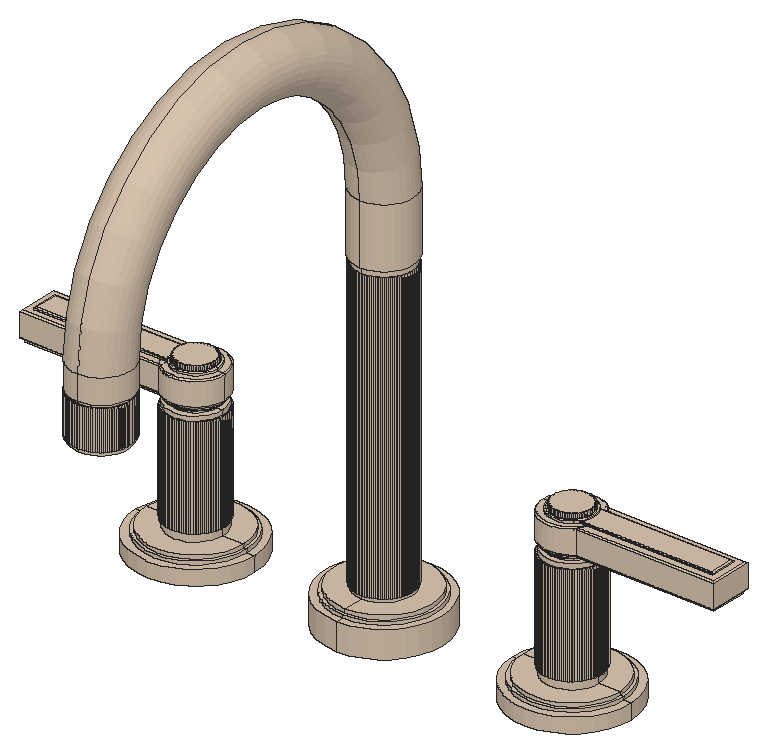
Revit family "Faucet-Deck_Mount-Bath-KALLISTA-Vir_Stil-P80236-1", category Plumbing Fixtures, host Face, Revit 2021
Family settings
  Host = Face
  Round Connector Dimension = Use Diameter
  Part Type = Normal
  OmniClass Number = 23.31.11.00
  OmniClass Title = Faucets
  Cut with Voids When Loaded = No
  Shared = No
  Room Calculation Point = No
Parameters (values of type "BAF-Brushed French Gold")
  Width [instance] = Faucet Hole Spacing  # 8"
  WaterSense Certified = 1 = 0  # no
  Waste Water Outlet = "Waste Water Outlet"  # constant formula
  Waste Connection = 1 = 0  # no
  Vent Connection = 1 = 0  # no
  URL = "https://www.kallista.com/"
  Type = 1
  Spout Reach = 7 33/64"  # constant formula
  Product Page URL = ""
  Product Name = "Vir Stil"  # constant formula
  Product Documentation Link = ""
  Pressure = 0.00 psi
  Model = if(Type = 1, "P80236-LV-BAF", if(Type = 2, "P80236-LV-BN", if(Type = 3, "P80236-LV-CP", if(Type = 4, "P80236-LV-SN", "NA"))))  # "P80236-LV-BAF"
  Material = "Premium Metal Construction"  # constant formula
  Master Format 2014 Name = "Residential Faucets, Supplies, and Trim"  # constant formula
  Master Format 2014 = "22 41 39"  # constant formula
  Manufacturer Address = "444 Highland Dr, Kohler, WI 53044"  # constant formula
  Manufacturer = "Kallista Co."  # constant formula
  Length = Spout Reach  # 7 33/64"
  Hot Water Inlet = "Hot Water Inlet"  # constant formula
  Height = 12 177/256"  # constant formula
  Handle Clearance = 3.37402"  # constant formula
  HW Connection = 1 = 1  # yes
  Flow Rate = 0 GPM
  Finish = Kallista-Metal-BAF-Brushed_French_Gold
  Faucet Hole Spacing [instance] = 8"
  Environmental Product Declaration = ""
  Drain Included = 1 = 0  # no
  Description = "Deck Mount Bath Faucet Lever Handle"  # constant formula
  Default Elevation = 36"
  Declare Label = ""
  Date Modified = "10/26/2023"  # constant formula
  Date Created = "10/26/2023"  # constant formula
  Copyright = "Copyright Kallista Co."  # constant formula
  Contact Us = "https://www.kallista.com/corporate/contact-us/"
  Cold Water Inlet = "Cold Water Inlet"  # constant formula
  CW Connection = 1 = 1  # yes
  Assembly Code = "D2010"
  ADA Compliant = 1 = 0  # no
Reference planes (in)
  plane 1 "Center (Front/Back)": y = 0
  plane 2: z = 0
  plane 3 "Center (Left/Right)": x = 0
  plane 4: x = -4
  plane 5: x = 4
  plane 6: y = 1.25984
  plane 7: y = -1.25984
  plane 8: y = 1.25011
  plane 9: y = -1.25011
  plane 10: x = -0.625
  plane 11: x = 0.625
  plane 12: y = -8.13874
  plane 13: y = -7.51563
  plane 14: x = 2.74016
  plane 15: x = 5.25984
  plane 16: x = -5.25984
  plane 17: x = -2.74016
  plane 18: z = 3.70472
  plane 19: z = 2.93307
  plane 20: x = -1.25011
  plane 21: x = 1.25011
  plane 22: z = 0.45669
  plane 23: z = 12.69141
  plane 24: z = 6.81102
  plane 25: y = 0.45084
  plane 26: y = -0.44739
  plane 27: x = 7.37402
  plane 28: x = -7.37402
Dimensions and locks (in)
  "Width": plane 4 to plane 5
  equal spacing: plane 5, plane 3 "Center (Left/Right)", plane 4
  plane 15 to plane 5 to plane 14 = 1.25984" locked, 1.25984" locked
  plane 4 to plane 17 = 1.25984"
  locked: plane 16 to plane 4 at 1.25984
  "Length": plane 1 "Center (Front/Back)" to plane 13
  "Height": plane 23 to level
  plane 15 to plane 5 = 1.25984"
  plane 3 "Center (Left/Right)" to plane 5 = 4"
  plane 12 to plane 6 = 9.39858"
  plane 18 to level = 3.70472"
  plane 19 to level = 2.93307"
  plane 2 to plane 24 = 6.81102"
  plane 2 to plane 23 = 12 177/256"
  plane 1 "Center (Front/Back)" to plane 12 = 8.13874"
  plane 28 to plane 4 = 3.37402"
  plane 5 to plane 27 = 3.37402"
  "Handle Clearance": plane 4 to plane 28
  "Handle Clearance": plane 27 to plane 5
  plane 22 to level = 0.45669"
  plane 10 to plane 11 = 1 1/4"
  plane 7 to plane 6 = 2.51969"
  plane 14 to plane 15 = 2.51969"
  plane 20 to plane 21 = 2.50022"
  plane 8 to plane 9 = 2.50022"
  aligned and locked: plane 2 to host face
  aligned and locked: level to host face
  aligned and locked: plane 3 "Center (Left/Right)" to nested 1
  aligned and locked: plane 1 "Center (Front/Back)" to nested 1
  aligned and locked: plane 1 "Center (Front/Back)" to nested 2
  aligned and locked: plane 4 to nested 2
  aligned and locked: nested 3 to plane 5
  aligned and locked: nested 3 to plane 1 "Center (Front/Back)"
  aligned and locked: plane 27 to nested 3
Automatic sketch dimensions
  host sketch curve to host sketch curve = 96"  (x2)
Nested families (in)
  nested 1: "P80236_Faucet" at (0, 0, 0), type "P80236_Faucet"
  nested 2: "P80236_Handle" at (-4, 0, 0) x (0, -1, 0) z (0, 0, 1), type "P80236_Handle"
  nested 3: "P80236_Handle" at (4, 0, 0) x (0, -1, 0) z (0, 0, 1), type "P80236_Handle"
Connectors (in)
  piping at (-4, 0, 0), diameter 0.75, driven by "HW Connection", driven by "Hot Water Inlet"
    settings: on nested 2, index 1, connector inside diameter 24", connector length 0", flow factor 0, pipe flow 0 GPM, pressure drop 0.00 psi, fitting loss kfactor 0, connector angle 0.00°, fixture units 0, engagement length 0", angle of deflection 0.00°, flow configuration 0, flow direction 1, fitting loss method 0, system type 19, joint type 0, gender type 0, connector reference index -1, connector utility 1, adjustable connector no, is connector primary yes, connector description "Hot Water Inlet"
  piping at (4, 0, 0), diameter 0.75, driven by "CW Connection", driven by "Cold Water Inlet"
    settings: on nested 3, index 2, connector inside diameter 24", connector length 0", flow factor 0, pipe flow 0 GPM, pressure drop 0.00 psi, fitting loss kfactor 0, connector angle 0.00°, fixture units 0, engagement length 0", angle of deflection 0.00°, flow configuration 0, flow direction 1, fitting loss method 0, system type 20, joint type 0, gender type 0, connector reference index -1, connector utility 1, adjustable connector no, is connector primary no, connector description "Cold Water Inlet"
Definition of nested family "P80236_Faucet"
  Parameters
    Material = none
    Default Elevation = 0"
  Reference planes (in)
    plane 1 "Center (Front/Back)": y = 0
    plane 2: z = 0
    plane 3 "Center (Left/Right)": x = 0
    plane 4: y = -8.13874
    plane 5: z = 3.70866
    plane 6: z = 0.45669
    plane 7: z = 12.69099
    plane 8: z = 6.81102
    plane 9: y = -7.51575
    plane 10: y = 1.25011
    plane 11: y = -1.25011
    plane 12: x = -0.625
    plane 13: x = 0.625
    plane 14: x = -1.25011
    plane 15: x = 1.25011
  Forms (in)
    Extrusion 1, solid, material <- "Material", detail levels medium+fine
      sketch origin (0, 0.09507, 0) x (1, 0, 0) y (0, 1, 0)
        loop
          arc (0.60882, -0.07386) -> (0.59309, -0.09017) -> (0.60921, -0.1061) r 0.01612
          line (0.60921, -0.1061) -> (0.60687, -0.13956)
          arc (0.60687, -0.13956) -> (0.59024, -0.15404) -> (0.60351, -0.17165) r 0.01617
          line (0.60351, -0.17165) -> (0.59737, -0.20382)
          arc (0.59737, -0.20382) -> (0.58006, -0.21669) -> (0.59142, -0.23503) r 0.01594
          line (0.59142, -0.23503) -> (0.58556, -0.26574)
          arc (0.58556, -0.26574) -> (0.56758, -0.27596) -> (0.57479, -0.29535) r 0.01596
          line (0.57479, -0.29535) -> (0.56419, -0.32447)
          arc (0.56419, -0.32447) -> (0.54512, -0.33312) -> (0.54933, -0.35364) r 0.01679
          line (0.54933, -0.35364) -> (0.53471, -0.38233)
          arc (0.53471, -0.38233) -> (0.51516, -0.38917) -> (0.51901, -0.40953) r 0.01588
          line (0.51901, -0.40953) -> (0.50251, -0.43811)
          arc (0.50251, -0.43811) -> (0.48047, -0.44206) -> (0.48509, -0.46396) r 0.01559
          line (0.48509, -0.46396) -> (0.46548, -0.48818)
          arc (0.46548, -0.48818) -> (0.44333, -0.48789) -> (0.43937, -0.50968) r 0.01715
          line (0.43937, -0.50968) -> (0.41649, -0.53256)
          arc (0.41649, -0.53256) -> (0.39577, -0.53383) -> (0.3945, -0.55455) r 0.01567
          line (0.3945, -0.55455) -> (0.37024, -0.57655)
          arc (0.37024, -0.57655) -> (0.3496, -0.5737) -> (0.34317, -0.59351) r 0.01622
          line (0.34317, -0.59351) -> (0.31527, -0.61095)
          arc (0.31527, -0.61095) -> (0.29625, -0.6089) -> (0.28852, -0.62639) r 0.0162
          line (0.28852, -0.62639) -> (0.2584, -0.64044)
          arc (0.2584, -0.64044) -> (0.23963, -0.63658) -> (0.23052, -0.65344) r 0.01606
          line (0.23052, -0.65344) -> (0.20119, -0.66711)
          arc (0.20119, -0.66711) -> (0.18047, -0.65778) -> (0.17059, -0.67825) r 0.01629
          line (0.17059, -0.67825) -> (0.14037, -0.68835)
          arc (0.14037, -0.68835) -> (0.12092, -0.67393) -> (0.10901, -0.69502) r 0.01615
          line (0.10901, -0.69502) -> (0.07698, -0.70009)
          arc (0.07698, -0.70009) -> (0.0585, -0.68639) -> (0.04515, -0.70513) r 0.01612
          line (0.04515, -0.70513) -> (0.01371, -0.70513)
          arc (0.01371, -0.70513) -> (-0.00189, -0.68953) -> (-0.0175, -0.70513) r 0.01561
          line (-0.0175, -0.70513) -> (-0.04914, -0.70513)
          arc (-0.04914, -0.70513) -> (-0.06165, -0.68575) -> (-0.0801, -0.6996) r 0.01576
          line (-0.0801, -0.6996) -> (-0.1112, -0.69467)
          arc (-0.1112, -0.69467) -> (-0.12304, -0.67397) -> (-0.1426, -0.68761) r 0.01615
          line (-0.1426, -0.68761) -> (-0.17198, -0.67779)
          arc (-0.17198, -0.67779) -> (-0.18193, -0.65781) -> (-0.20247, -0.66651) r 0.01629
          line (-0.20247, -0.66651) -> (-0.23052, -0.65344)
          arc (-0.23052, -0.65344) -> (-0.23963, -0.63658) -> (-0.2584, -0.64044) r 0.01606
          line (-0.2584, -0.64044) -> (-0.28852, -0.62639)
          arc (-0.28852, -0.62639) -> (-0.29625, -0.6089) -> (-0.31527, -0.61095) r 0.0162
          line (-0.31527, -0.61095) -> (-0.34317, -0.59351)
          arc (-0.34317, -0.59351) -> (-0.3496, -0.5737) -> (-0.37024, -0.57655) r 0.01622
          line (-0.37024, -0.57655) -> (-0.3945, -0.55455)
          arc (-0.3945, -0.55455) -> (-0.39577, -0.53383) -> (-0.41649, -0.53256) r 0.01567
          line (-0.41649, -0.53256) -> (-0.43937, -0.50968)
          arc (-0.43937, -0.50968) -> (-0.44333, -0.48789) -> (-0.46548, -0.48818) r 0.01715
          line (-0.46548, -0.48818) -> (-0.48509, -0.46396)
          arc (-0.48509, -0.46396) -> (-0.48047, -0.44206) -> (-0.50251, -0.43811) r 0.01559
          line (-0.50251, -0.43811) -> (-0.51901, -0.40953)
          arc (-0.51901, -0.40953) -> (-0.51516, -0.38917) -> (-0.53471, -0.38233) r 0.01588
          line (-0.53471, -0.38233) -> (-0.54933, -0.35364)
          arc (-0.54933, -0.35364) -> (-0.54512, -0.33312) -> (-0.56419, -0.32447) r 0.01679
          line (-0.56419, -0.32447) -> (-0.57479, -0.29535)
          arc (-0.57479, -0.29535) -> (-0.56758, -0.27596) -> (-0.58556, -0.26574) r 0.01596
          line (-0.58556, -0.26574) -> (-0.59142, -0.23503)
          arc (-0.59142, -0.23503) -> (-0.58006, -0.21669) -> (-0.59737, -0.20382) r 0.01594
          line (-0.59737, -0.20382) -> (-0.60351, -0.17165)
          arc (-0.60351, -0.17165) -> (-0.59024, -0.15404) -> (-0.60687, -0.13956) r 0.01617
          line (-0.60687, -0.13956) -> (-0.60907, -0.10814)
          arc (-0.60907, -0.10814) -> (-0.5937, -0.09277) -> (-0.60907, -0.0774) r 0.01537
          line (-0.60907, -0.0774) -> (-0.60687, -0.04598)
          arc (-0.60687, -0.04598) -> (-0.59024, -0.0315) -> (-0.60351, -0.01389) r 0.01617
          line (-0.60351, -0.01389) -> (-0.59737, 0.01828)
          arc (-0.59737, 0.01828) -> (-0.58006, 0.03115) -> (-0.59142, 0.04949) r 0.01594
          line (-0.59142, 0.04949) -> (-0.58556, 0.08021)
          arc (-0.58556, 0.08021) -> (-0.56758, 0.09043) -> (-0.57479, 0.10982) r 0.01596
          line (-0.57479, 0.10982) -> (-0.56419, 0.13893)
          arc (-0.56419, 0.13893) -> (-0.54512, 0.14759) -> (-0.54933, 0.16811) r 0.01679
          line (-0.54933, 0.16811) -> (-0.53471, 0.19679)
          arc (-0.53471, 0.19679) -> (-0.51516, 0.20364) -> (-0.51901, 0.22399) r 0.01588
          line (-0.51901, 0.22399) -> (-0.50251, 0.25257)
          arc (-0.50251, 0.25257) -> (-0.48047, 0.25652) -> (-0.48509, 0.27842) r 0.01559
          line (-0.48509, 0.27842) -> (-0.46548, 0.30265)
          arc (-0.46548, 0.30265) -> (-0.44333, 0.30235) -> (-0.43937, 0.32415) r 0.01715
          line (-0.43937, 0.32415) -> (-0.41649, 0.34703)
          arc (-0.41649, 0.34703) -> (-0.39577, 0.3483) -> (-0.3945, 0.36902) r 0.01567
          line (-0.3945, 0.36902) -> (-0.37024, 0.39102)
          arc (-0.37024, 0.39102) -> (-0.3496, 0.38817) -> (-0.34317, 0.40798) r 0.01622
          line (-0.34317, 0.40798) -> (-0.31527, 0.42542)
          arc (-0.31527, 0.42542) -> (-0.29625, 0.42336) -> (-0.28852, 0.44085) r 0.0162
          line (-0.28852, 0.44085) -> (-0.2584, 0.4549)
          arc (-0.2584, 0.4549) -> (-0.23963, 0.45104) -> (-0.23052, 0.4679) r 0.01606
          line (-0.23052, 0.4679) -> (-0.20247, 0.48098)
          arc (-0.20247, 0.48098) -> (-0.18193, 0.47228) -> (-0.17198, 0.49225) r 0.01629
          line (-0.17198, 0.49225) -> (-0.1426, 0.50207)
          arc (-0.1426, 0.50207) -> (-0.12304, 0.48844) -> (-0.1112, 0.50914) r 0.01615
          line (-0.1112, 0.50914) -> (-0.0801, 0.51406)
          arc (-0.0801, 0.51406) -> (-0.06165, 0.50022) -> (-0.04914, 0.5196) r 0.01576
          line (-0.04914, 0.5196) -> (-0.0175, 0.5196)
          arc (-0.0175, 0.5196) -> (-0.00189, 0.50399) -> (0.01371, 0.5196) r 0.01561
          line (0.01371, 0.5196) -> (0.04515, 0.5196)
          arc (0.04515, 0.5196) -> (0.0585, 0.50085) -> (0.07698, 0.51456) r 0.01612
          line (0.07698, 0.51456) -> (0.10901, 0.50948)
          arc (0.10901, 0.50948) -> (0.12092, 0.4884) -> (0.14037, 0.50282) r 0.01615
          line (0.14037, 0.50282) -> (0.17059, 0.49272)
          arc (0.17059, 0.49272) -> (0.18047, 0.47225) -> (0.20119, 0.48158) r 0.01629
          line (0.20119, 0.48158) -> (0.23052, 0.4679)
          arc (0.23052, 0.4679) -> (0.23963, 0.45104) -> (0.2584, 0.4549) r 0.01606
          line (0.2584, 0.4549) -> (0.28852, 0.44085)
          arc (0.28852, 0.44085) -> (0.29625, 0.42336) -> (0.31527, 0.42542) r 0.0162
          line (0.31527, 0.42542) -> (0.34317, 0.40798)
          arc (0.34317, 0.40798) -> (0.3496, 0.38817) -> (0.37024, 0.39102) r 0.01622
          line (0.37024, 0.39102) -> (0.3945, 0.36902)
          arc (0.3945, 0.36902) -> (0.39577, 0.3483) -> (0.41649, 0.34703) r 0.01567
          line (0.41649, 0.34703) -> (0.43937, 0.32415)
          arc (0.43937, 0.32415) -> (0.44333, 0.30235) -> (0.46548, 0.30265) r 0.01715
          line (0.46548, 0.30265) -> (0.48509, 0.27842)
          arc (0.48509, 0.27842) -> (0.48047, 0.25652) -> (0.50251, 0.25257) r 0.01559
          line (0.50251, 0.25257) -> (0.51901, 0.22399)
          arc (0.51901, 0.22399) -> (0.51516, 0.20364) -> (0.53471, 0.19679) r 0.01588
          line (0.53471, 0.19679) -> (0.54933, 0.16811)
          arc (0.54933, 0.16811) -> (0.54512, 0.14759) -> (0.56419, 0.13893) r 0.01679
          line (0.56419, 0.13893) -> (0.57479, 0.10982)
          arc (0.57479, 0.10982) -> (0.56758, 0.09043) -> (0.58556, 0.08021) r 0.01596
          line (0.58556, 0.08021) -> (0.59142, 0.04949)
          arc (0.59142, 0.04949) -> (0.58006, 0.03115) -> (0.59737, 0.01828) r 0.01594
          line (0.59737, 0.01828) -> (0.60351, -0.01389)
          arc (0.60351, -0.01389) -> (0.59024, -0.0315) -> (0.60687, -0.04598) r 0.01617
          line (0.60687, -0.04598) -> (0.60921, -0.07943)
      from 0.79622 to 6.90581
    Sweep 2, solid, material <- "Material", detail levels medium+fine
      path origin (0, 0.00139, 0) x (0, 1, 0) y (0, 0, 1)
        loop
          line (0, 7.02971) -> (0, 8.30718)
          arc (0, 8.30718) -> (-3.75787, 12.06505) -> (-7.51575, 8.30718) r 3.75787
          line (-7.51575, 8.30718) -> (-7.51575, 7.78971)
      profile origin (0, 0.00139, 7.66844) x (0, -1, 0) y (1, 0, 0)
        loop
          circle (0.00139, 0) r 0.625
    Extrusion 3, solid, material <- "Material", detail levels medium+fine
      sketch origin (0, -0.01474, 0) x (1, 0, 0) y (0, 1, 0)
        loop
          arc (-0.62435, -7.49948) -> (-0.60535, -7.51415) -> (-0.62159, -7.53184) r 0.0163
          line (-0.62159, -7.53184) -> (-0.62159, -7.56284)
          arc (-0.62159, -7.56284) -> (-0.60191, -7.57728) -> (-0.61863, -7.59506) r 0.0163
          line (-0.61863, -7.59506) -> (-0.6159, -7.62633)
          arc (-0.6159, -7.62633) -> (-0.59491, -7.6395) -> (-0.61013, -7.65905) r 0.0167
          line (-0.61013, -7.65905) -> (-0.60206, -7.68916)
          arc (-0.60206, -7.68916) -> (-0.57868, -7.69918) -> (-0.59391, -7.71956) r 0.01619
          line (-0.59391, -7.71956) -> (-0.58093, -7.75015)
          arc (-0.58093, -7.75015) -> (-0.5557, -7.75671) -> (-0.56851, -7.77942) r 0.01644
          line (-0.56851, -7.77942) -> (-0.55341, -7.80781)
          arc (-0.55341, -7.80781) -> (-0.52806, -7.81311) -> (-0.53784, -7.83708) r 0.01685
          line (-0.53784, -7.83708) -> (-0.51045, -7.87621)
          arc (-0.51045, -7.87621) -> (-0.48518, -7.85897) -> (-0.48896, -7.88932) r 0.01678
          line (-0.48896, -7.88932) -> (-0.47028, -7.916)
          arc (-0.47028, -7.916) -> (-0.44309, -7.91419) -> (-0.44774, -7.94104) r 0.01733
          line (-0.44774, -7.94104) -> (-0.42289, -7.96588)
          arc (-0.42289, -7.96588) -> (-0.39747, -7.9621) -> (-0.39678, -7.9878) r 0.01717
          line (-0.39678, -7.9878) -> (-0.37252, -8.00815)
          arc (-0.37252, -8.00815) -> (-0.34854, -8.0008) -> (-0.34377, -8.02542) r 0.01687
          line (-0.34377, -8.02542) -> (-0.31836, -8.04462)
          arc (-0.31836, -8.04462) -> (-0.28464, -8.03386) -> (-0.2771, -8.06844) r 0.02393
          line (-0.2771, -8.06844) -> (-0.23805, -8.08265)
          arc (-0.23805, -8.08265) -> (-0.21545, -8.0667) -> (-0.2084, -8.09344) r 0.01684
          line (-0.2084, -8.09344) -> (-0.17528, -8.10231)
          arc (-0.17528, -8.10231) -> (-0.14967, -8.08681) -> (-0.13523, -8.11305) r 0.02075
          line (-0.13523, -8.11305) -> (-0.10197, -8.11891)
          arc (-0.10197, -8.11891) -> (-0.07585, -8.10281) -> (-0.05364, -8.12399) r 0.02512
          line (-0.05364, -8.12399) -> (-0.01753, -8.12399)
          arc (-0.01753, -8.12399) -> (-0.00029, -8.10675) -> (0.01695, -8.12399) r 0.01724
          line (0.01695, -8.12399) -> (0.06211, -8.12399)
          arc (0.06211, -8.12399) -> (0.08431, -8.10281) -> (0.11044, -8.11891) r 0.02512
          line (0.11044, -8.11891) -> (0.1437, -8.11305)
          arc (0.1437, -8.11305) -> (0.15814, -8.08681) -> (0.18375, -8.10231) r 0.02075
          line (0.18375, -8.10231) -> (0.21687, -8.09344)
          arc (0.21687, -8.09344) -> (0.22392, -8.0667) -> (0.24652, -8.08265) r 0.01684
          line (0.24652, -8.08265) -> (0.28557, -8.06844)
          arc (0.28557, -8.06844) -> (0.29311, -8.03386) -> (0.32683, -8.04462) r 0.02393
          line (0.32683, -8.04462) -> (0.35224, -8.02542)
          arc (0.35224, -8.02542) -> (0.35701, -8.0008) -> (0.38099, -8.00815) r 0.01687
          line (0.38099, -8.00815) -> (0.40525, -7.9878)
          arc (0.40525, -7.9878) -> (0.40594, -7.9621) -> (0.43136, -7.96588) r 0.01717
          line (0.43136, -7.96588) -> (0.45621, -7.94104)
          arc (0.45621, -7.94104) -> (0.45156, -7.91419) -> (0.47875, -7.916) r 0.01733
          line (0.47875, -7.916) -> (0.49743, -7.88932)
          arc (0.49743, -7.88932) -> (0.48865, -7.86367) -> (0.51576, -7.86315) r 0.01678
          line (0.51576, -7.86315) -> (0.53401, -7.83708)
          arc (0.53401, -7.83708) -> (0.52423, -7.81311) -> (0.54957, -7.80781) r 0.01685
          line (0.54957, -7.80781) -> (0.56467, -7.77942)
          arc (0.56467, -7.77942) -> (0.55186, -7.75671) -> (0.57709, -7.75015) r 0.01644
          line (0.57709, -7.75015) -> (0.59008, -7.71956)
          arc (0.59008, -7.71956) -> (0.57484, -7.69918) -> (0.59823, -7.68916) r 0.01619
          line (0.59823, -7.68916) -> (0.60629, -7.65905)
          arc (0.60629, -7.65905) -> (0.59107, -7.6395) -> (0.61206, -7.62633) r 0.0167
          line (0.61206, -7.62633) -> (0.61493, -7.59351)
          arc (0.61493, -7.59351) -> (0.59807, -7.57581) -> (0.61775, -7.5613) r 0.0163
          line (0.61775, -7.5613) -> (0.61775, -7.52991)
          arc (0.61775, -7.52991) -> (0.60145, -7.51362) -> (0.61775, -7.49732) r 0.0163
          line (0.61775, -7.49732) -> (0.61775, -7.44175)
          arc (0.61775, -7.44175) -> (0.59807, -7.4273) -> (0.6148, -7.40952) r 0.0163
          line (0.6148, -7.40952) -> (0.61206, -7.37825)
          arc (0.61206, -7.37825) -> (0.59107, -7.36508) -> (0.60629, -7.34553) r 0.0167
          line (0.60629, -7.34553) -> (0.59823, -7.31543)
          arc (0.59823, -7.31543) -> (0.57484, -7.3054) -> (0.59008, -7.28503) r 0.01619
          line (0.59008, -7.28503) -> (0.57709, -7.25443)
          arc (0.57709, -7.25443) -> (0.55186, -7.24787) -> (0.56467, -7.22517) r 0.01644
          line (0.56467, -7.22517) -> (0.54957, -7.19677)
          arc (0.54957, -7.19677) -> (0.52423, -7.19147) -> (0.53401, -7.1675) r 0.01685
          line (0.53401, -7.1675) -> (0.51576, -7.14143)
          arc (0.51576, -7.14143) -> (0.48865, -7.14091) -> (0.49743, -7.11526) r 0.01678
          line (0.49743, -7.11526) -> (0.47875, -7.08858)
          arc (0.47875, -7.08858) -> (0.45156, -7.09039) -> (0.45621, -7.06354) r 0.01733
          line (0.45621, -7.06354) -> (0.43136, -7.0387)
          arc (0.43136, -7.0387) -> (0.40594, -7.04248) -> (0.40525, -7.01679) r 0.01717
          line (0.40525, -7.01679) -> (0.38099, -6.99643)
          arc (0.38099, -6.99643) -> (0.35701, -7.00378) -> (0.35224, -6.97916) r 0.01687
          line (0.35224, -6.97916) -> (0.32683, -6.95997)
          arc (0.32683, -6.95997) -> (0.29311, -6.97072) -> (0.28557, -6.93615) r 0.02393
          line (0.28557, -6.93615) -> (0.24652, -6.92193)
          arc (0.24652, -6.92193) -> (0.22392, -6.93788) -> (0.21687, -6.91114) r 0.01684
          line (0.21687, -6.91114) -> (0.18375, -6.90227)
          arc (0.18375, -6.90227) -> (0.15814, -6.91777) -> (0.1437, -6.89154) r 0.02075
          line (0.1437, -6.89154) -> (0.11044, -6.88567)
          arc (0.11044, -6.88567) -> (0.08431, -6.90178) -> (0.06211, -6.88059) r 0.02512
          line (0.06211, -6.88059) -> (0.01695, -6.88059)
          arc (0.01695, -6.88059) -> (-0.00029, -6.89783) -> (-0.01753, -6.88059) r 0.01724
          line (-0.01753, -6.88059) -> (-0.05364, -6.88059)
          arc (-0.05364, -6.88059) -> (-0.07585, -6.90178) -> (-0.10197, -6.88567) r 0.02512
          line (-0.10197, -6.88567) -> (-0.13523, -6.89154)
          arc (-0.13523, -6.89154) -> (-0.14967, -6.91777) -> (-0.17528, -6.90227) r 0.02075
          line (-0.17528, -6.90227) -> (-0.2084, -6.91114)
          arc (-0.2084, -6.91114) -> (-0.21545, -6.93788) -> (-0.23805, -6.92193) r 0.01684
          line (-0.23805, -6.92193) -> (-0.2771, -6.93615)
          arc (-0.2771, -6.93615) -> (-0.28464, -6.97072) -> (-0.31836, -6.95997) r 0.02393
          line (-0.31836, -6.95997) -> (-0.34377, -6.97916)
          arc (-0.34377, -6.97916) -> (-0.34854, -7.00378) -> (-0.37252, -6.99643) r 0.01687
          line (-0.37252, -6.99643) -> (-0.39678, -7.01679)
          arc (-0.39678, -7.01679) -> (-0.39747, -7.04248) -> (-0.42289, -7.0387) r 0.01717
          line (-0.42289, -7.0387) -> (-0.44774, -7.06354)
          arc (-0.44774, -7.06354) -> (-0.44309, -7.09039) -> (-0.47028, -7.08858) r 0.01733
          line (-0.47028, -7.08858) -> (-0.48896, -7.11526)
          arc (-0.48896, -7.11526) -> (-0.48518, -7.14561) -> (-0.51045, -7.12838) r 0.01678
          line (-0.51045, -7.12838) -> (-0.53784, -7.1675)
          arc (-0.53784, -7.1675) -> (-0.52806, -7.19147) -> (-0.55341, -7.19677) r 0.01685
          line (-0.55341, -7.19677) -> (-0.56851, -7.22517)
          arc (-0.56851, -7.22517) -> (-0.5557, -7.24787) -> (-0.58093, -7.25443) r 0.01644
          line (-0.58093, -7.25443) -> (-0.59391, -7.28503)
          arc (-0.59391, -7.28503) -> (-0.57868, -7.3054) -> (-0.60206, -7.31543) r 0.01619
          line (-0.60206, -7.31543) -> (-0.61013, -7.34553)
          arc (-0.61013, -7.34553) -> (-0.59491, -7.36508) -> (-0.6159, -7.37825) r 0.0167
          line (-0.6159, -7.37825) -> (-0.62094, -7.4359)
          arc (-0.62094, -7.4359) -> (-0.60184, -7.45229) -> (-0.62159, -7.46789) r 0.0163
          line (-0.62159, -7.46789) -> (-0.62435, -7.49948)
      from 6.8988 to 7.73049
    Revolve 4, solid, material <- "Material", detail levels medium+fine
      sketch origin (0, 0, 0) x (0, 1, 0) y (0, 0, 1)
        loop
          line (0.00047, -0.00016) -> (1.2498, -0.00016) -> (1.2498, 0.57029) -> (1.09808, 0.57029) -> (1.09808, 0.63879) -> (1.03057, 0.63879) -> (1.03057, 0.72192) -> (0.59102, 0.72192) -> (0.59102, 0.79844) -> (0.00047, 0.79844) -> (0.00047, -0.00016)
        loop
          line (0.58803, 7.02971) -> (0.00047, 7.02971) -> (0.00047, 6.89549) -> (0.58803, 6.89549) -> (0.58803, 7.02971)
        axis (0.00047, -0.00016) -> (0.00047, 7.02971)
      angle from 0 to 360
    Revolve 5, solid, material <- "Material", detail levels medium+fine
      sketch origin (0, 0, 0) x (0, 1, 0) y (0, 0, 1)
        loop
          line (-6.92773, 7.65923) -> (-6.92773, 7.83649) -> (-7.514, 7.83649) -> (-7.514, 7.65923) -> (-6.92773, 7.65923)
        axis (-7.514, 7.65923) -> (-7.514, 7.83649)
      angle from 0 to 360
    Revolve 6, solid, material <- "Material", detail levels medium+fine
      sketch origin (0, 0, 0) x (0, 1, 0) y (0, 0, 1)
        loop
          line (-6.92798, 6.80973) -> (-6.92798, 6.9104) -> (-7.03544, 6.9104) -> (-7.03544, 6.80973) -> (-6.92798, 6.80973)
        axis (-7.51354, 6.80973) -> (-7.51354, 6.9104)
      angle from 0 to 360
    Revolve 7, solid, detail levels medium+fine
      sketch origin (0, 0, 0) x (0, 1, 0) y (0, 0, 1)
        loop
          line (-7.51354, 6.85891) -> (-7.11377, 6.85891) -> (-7.11377, 6.81974) -> (-7.06142, 6.81974) -> (-7.02147, 6.92948) -> (-7.51354, 6.92948) -> (-7.51354, 6.85891)
        axis (-7.51354, 6.81974) -> (-7.51354, 6.92948)
      angle from 0 to 360
    Revolve 8, void
      sketch origin (0, 0, 0.34449) x (1, 0, 0) y (0, 1, 0)
        loop
          line (-0.9098, 0.9098) -> (-0.52501, 0.52501) -> (-0.43325, 0.61677) -> (-0.81804, 1.00156) -> (-0.9098, 0.9098)
        axis (-0.9098, 0.9098) -> (-0.52501, 0.52501)
      angle from 0 to 360
    Revolve 9, solid, detail levels medium+fine
      sketch origin (0, 0, 0.34449) x (1, 0, 0) y (0, 1, 0)
        loop
          line (-0.52501, 0.52501) -> (-0.44294, 0.60708) -> (-0.79586, 0.96) -> (-0.87793, 0.87793) -> (-0.52501, 0.52501)
        axis (-0.52501, 0.52501) -> (-0.87793, 0.87793)
      angle from 0 to 360
    Extrusion 10, void
      sketch origin (0.21807, -0.33538, 0.13841) x (0.699469, 0.714663, 0) y (0, 0, 1)
        loop
          line (0.04452, 0.27766) -> (0.01289, 0.19076) -> (0.07233, 0.11993) -> (0.16339, 0.13599) -> (0.19502, 0.22288) -> (0.13558, 0.29371) -> (0.04452, 0.27766)
      from -1.79113 to -1.52225
    Revolve 11, void
      sketch origin (0, 0, 0.34449) x (-1, 0, 0) y (0, -1, 0)
        loop
          line (-0.9098, -0.9098) -> (-0.81804, -1.00156) -> (-0.43325, -0.61677) -> (-0.52501, -0.52501) -> (-0.9098, -0.9098)
        axis (-0.9098, -0.9098) -> (-0.52501, -0.52501)
      angle from 0 to 360
    Revolve 12, solid, detail levels medium+fine
      sketch origin (0, 0, 0.34449) x (-1, 0, 0) y (0, -1, 0)
        loop
          line (-0.52501, -0.52501) -> (-0.87793, -0.87793) -> (-0.79586, -0.96) -> (-0.44294, -0.60708) -> (-0.52501, -0.52501)
        axis (-0.52501, -0.52501) -> (-0.87793, -0.87793)
      angle from 0 to 360
    Extrusion 13, void
      sketch origin (-0.21807, -0.33538, 0.13841) x (-0.699469, 0.714663, 0) y (0, 0, -1)
        loop
          line (0.04452, -0.27766) -> (0.13558, -0.29371) -> (0.19502, -0.22288) -> (0.16339, -0.13599) -> (0.07233, -0.11993) -> (0.01289, -0.19076) -> (0.04452, -0.27766)
      from -1.79113 to -1.52225
    Sweep 14, solid, material <- "Material", detail levels coarse
      path origin (0, 0, 0) x (0, 1, 0) y (0, 0, 1)
        loop
          line (0.00047, 0.72192) -> (0.00047, 8.37523)
          arc (0.00047, 8.37523) -> (-3.75654, 12.13223) -> (-7.51354, 8.37523) r 3.75701
          line (-7.51354, 8.37523) -> (-7.51354, 6.80973)
      profile origin (0, 0.00047, 4.54857) x (0, -1, 0) y (1, 0, 0)
        loop
          circle (0, 0) r 0.62949
    Revolve 15, solid, material <- "Material", detail levels coarse
      sketch origin (0, 0, 0) x (0, 1, 0) y (0, 0, 1)
        loop
          line (0.00047, -0.00016) -> (1.2498, -0.00016) -> (1.2498, 0.57029) -> (1.09808, 0.57029) -> (1.09808, 0.63879) -> (1.03057, 0.63879) -> (1.03057, 0.72192) -> (0.59102, 0.72192) -> (0.59102, 0.79844) -> (0.00047, 0.79844) -> (0.00047, -0.00016)
        axis (0.00047, -0.00016) -> (0.00047, 0.79844)
      angle from 0 to 360
    Extrusion 16, void
      sketch origin (0.0123, 0, 0) x (1, 0, 0) y (0, 1, 0)
        loop
          circle (-0.36025, -7.51354) r 0.01181
        loop
          circle (-0.28837, -7.51354) r 0.01181
        loop
          circle (-0.21434, -7.51354) r 0.01181
        loop
          circle (-0.14252, -7.51354) r 0.01181
        loop
          circle (-0.06882, -7.51354) r 0.01181
        loop
          circle (0.33564, -7.51354) r 0.01181
        loop
          circle (0.26377, -7.51354) r 0.01181
        loop
          circle (0.18973, -7.51354) r 0.01181
        loop
          circle (0.11792, -7.51354) r 0.01181
        loop
          circle (0.04421, -7.51354) r 0.01181
        loop
          circle (-0.36025, -7.43228) r 0.01181
        loop
          circle (-0.28837, -7.43228) r 0.01181
        loop
          circle (-0.21434, -7.43228) r 0.01181
        loop
          circle (-0.14252, -7.43228) r 0.01181
        loop
          circle (-0.06882, -7.43228) r 0.01181
        loop
          circle (0.33564, -7.43228) r 0.01181
        loop
          circle (0.26377, -7.43228) r 0.01181
        loop
          circle (0.18973, -7.43228) r 0.01181
        loop
          circle (0.11792, -7.43228) r 0.01181
        loop
          circle (0.04421, -7.43228) r 0.01181
        loop
          circle (-0.28837, -7.3515) r 0.01181
        loop
          circle (-0.21434, -7.3515) r 0.01181
        loop
          circle (-0.14252, -7.3515) r 0.01181
        loop
          circle (-0.06882, -7.3515) r 0.01181
        loop
          circle (0.26377, -7.3515) r 0.01181
        loop
          circle (0.18973, -7.3515) r 0.01181
        loop
          circle (0.11792, -7.3515) r 0.01181
        loop
          circle (0.04421, -7.3515) r 0.01181
        loop
          circle (-0.21434, -7.2766) r 0.01181
        loop
          circle (-0.14252, -7.2766) r 0.01181
        loop
          circle (-0.06882, -7.2766) r 0.01181
        loop
          circle (0.18973, -7.2766) r 0.01181
        loop
          circle (0.11792, -7.2766) r 0.01181
        loop
          circle (0.04421, -7.2766) r 0.01181
        loop
          circle (-0.06882, -7.20495) r 0.01181
        loop
          circle (0.04421, -7.20495) r 0.01181
        loop
          circle (-0.36025, -7.5948) r 0.01181
        loop
          circle (-0.28837, -7.5948) r 0.01181
        loop
          circle (-0.21434, -7.5948) r 0.01181
        loop
          circle (-0.14252, -7.5948) r 0.01181
        loop
          circle (-0.06882, -7.5948) r 0.01181
        loop
          circle (0.33564, -7.5948) r 0.01181
        loop
          circle (0.26377, -7.5948) r 0.01181
        loop
          circle (0.18973, -7.5948) r 0.01181
        loop
          circle (0.11792, -7.5948) r 0.01181
        loop
          circle (0.04421, -7.5948) r 0.01181
        loop
          circle (-0.28837, -7.67558) r 0.01181
        loop
          circle (-0.21434, -7.67558) r 0.01181
        loop
          circle (-0.14252, -7.67558) r 0.01181
        loop
          circle (-0.06882, -7.67558) r 0.01181
        loop
          circle (0.26377, -7.67558) r 0.01181
        loop
          circle (0.18973, -7.67558) r 0.01181
        loop
          circle (0.11792, -7.67558) r 0.01181
        loop
          circle (0.04421, -7.67558) r 0.01181
        loop
          circle (-0.21434, -7.75048) r 0.01181
        loop
          circle (-0.14252, -7.75048) r 0.01181
        loop
          circle (-0.06882, -7.75048) r 0.01181
        loop
          circle (0.18973, -7.75048) r 0.01181
        loop
          circle (0.11792, -7.75048) r 0.01181
        loop
          circle (0.04421, -7.75048) r 0.01181
        loop
          circle (-0.06882, -7.82213) r 0.01181
        loop
          circle (0.04421, -7.82213) r 0.01181
      from 6.03821 to 7.21631
  Cuts and joins
    Revolve 8, Revolve 11 cuts Revolve 4
    Extrusion 10, Revolve 11, Extrusion 13 cuts Revolve 9
    Extrusion 13 cuts Revolve 12
    Extrusion 16 cuts Revolve 7
  Lines and regions (in)
    Masking region 1
      outline origin (0, 0, 0) x (0, 1, 0) y (0, 0, 1)
        loop
          line (1.2498, -0.00016) -> (1.2498, 0.57029) -> (1.09808, 0.57029) -> (1.09808, 0.63879) -> (1.03057, 0.63879) -> (1.03057, 0.72192) -> (0.59102, 0.72192) -> (0.59102, 0.79622) -> (0.62252, 0.79622) -> (0.62252, 6.90581) -> (0.58803, 6.90581) -> (0.58803, 7.02971) -> (0.625, 7.02971) -> (0.625, 8.30951)
          arc (0.625, 8.30951) -> (-3.75687, 12.69137) -> (-8.13874, 8.30951) r 4.38187
          line (-8.13874, 8.30951) -> (-8.13874, 7.78971) -> (-8.09739, 7.78971) -> (-8.09739, 7.73049) -> (-8.13874, 7.73049) -> (-8.13874, 6.8988) -> (-8.0991, 6.8988) -> (-8.0991, 6.81102) -> (-6.92798, 6.81102) -> (-6.92798, 6.8988) -> (-6.89534, 6.8988) -> (-6.89534, 7.73049) -> (-6.92771, 7.73049) -> (-6.92771, 7.78971) -> (-6.88796, 7.78971) -> (-6.88796, 8.30265)
          arc (-6.88796, 8.30265) -> (-3.75648, 11.43414) -> (-0.625, 8.30265) r 3.13148
          line (-0.625, 8.30265) -> (-0.625, 7.02971) -> (-0.58803, 7.02971) -> (-0.58803, 6.90581) -> (-0.62252, 6.90581) -> (-0.62252, 0.79622) -> (-0.59102, 0.79622) -> (-0.59102, 0.72192) -> (-1.03057, 0.72192) -> (-1.03057, 0.63879) -> (-1.09808, 0.63879) -> (-1.09808, 0.57029) -> (-1.2498, 0.57029) -> (-1.2498, -0.00016) -> (1.2498, -0.00016)
    Masking region 2
      outline origin (0, 0, 0) x (1, 0, 0) y (0, 1, 0)
        loop
          line (-0.625, -1.08266) -> (-0.625, -7.51281)
          arc (-0.625, -7.51281) -> (0, -8.13781) -> (0.625, -7.51281) r 0.625
          line (0.625, -7.51281) -> (0.625, -1.08266)
          arc (0.625, -1.08266) -> (0, 1.25011) -> (-0.625, -1.08266) r 1.25011
    Masking region 3
      outline origin (0, 0, 0) x (1, 0, 0) y (0, 0, 1)
        loop
          line (-1.25011, 0) -> (1.25011, 0) -> (1.25011, 0.57002) -> (1.0993, 0.57002) -> (1.0993, 0.6396) -> (1.02895, 0.6396) -> (1.02895, 0.70995) -> (0.58851, 0.70995) -> (0.58851, 0.79635) -> (0.625, 0.79635) -> (0.625, 12.06599)
          arc (0.625, 12.06599) -> (0, 12.69099) -> (-0.625, 12.06599) r 0.625
          line (-0.625, 12.06599) -> (-0.625, 0.79635) -> (-0.58851, 0.79635) -> (-0.58851, 0.70995) -> (-1.02895, 0.70995) -> (-1.02895, 0.6396) -> (-1.0993, 0.6396) -> (-1.0993, 0.57002) -> (-1.25011, 0.57002) -> (-1.25011, 0)
    symbolic lines, detail levels medium+fine
      curve 1: line (0, 0.58733, 0.72192) -> (0, -0.60421, 0.72192)
      curve 2: line (0, -1.02963, 0.63879) -> (0, 1.03057, 0.63879)
      curve 3: line (0, 1.09808, 0.57029) -> (0, -1.09808, 0.57029)
      curve 4: line (0, 0.60421, 0.79622) -> (0, -0.58733, 0.79622)
      curve 5: line (0, 0.60421, 0.79622) -> (0, 0.60421, 6.90581)
      curve 6: line (0, 0.58733, 0.79622) -> (0, 0.58733, 6.90581)
      curve 7: line (0, 0.56298, 0.79622) -> (0, 0.56298, 6.90581)
      curve 8: line (0, 0.54998, 0.79622) -> (0, 0.54998, 6.90581)
      curve 9: line (0, 0.53593, 0.79622) -> (0, 0.53593, 6.90581)
      curve 10: line (0, 0.52049, 0.79622) -> (0, 0.52049, 6.90581)
      curve 11: line (0, 0.50305, 0.79622) -> (0, 0.50305, 6.90581)
      curve 12: line (0, 0.48609, 0.79622) -> (0, 0.48609, 6.90581)
      curve 13: line (0, 0.46409, 0.79622) -> (0, 0.46409, 6.90581)
      curve 14: line (0, 0.4421, 0.79622) -> (0, 0.4421, 6.90581)
      curve 15: line (0, 0.41922, 0.79622) -> (0, 0.41922, 6.90581)
      curve 16: line (0, 0.39772, 0.79622) -> (0, 0.39772, 6.90581)
      curve 17: line (0, 0.3735, 0.79622) -> (0, 0.3735, 6.90581)
      curve 18: line (0, 0.34765, 0.79622) -> (0, 0.34765, 6.90581)
      curve 19: line (0, 0.31907, 0.79622) -> (0, 0.31907, 6.90581)
      curve 20: line (0, 0.29187, 0.79622) -> (0, 0.29187, 6.90581)
      curve 21: line (0, 0.26318, 0.79622) -> (0, 0.26318, 6.90581)
      curve 22: line (0, 0.23401, 0.79622) -> (0, 0.23401, 6.90581)
      curve 23: line (0, 0.20489, 0.79622) -> (0, 0.20489, 6.90581)
      curve 24: line (0, 0.17528, 0.79622) -> (0, 0.17528, 6.90581)
      curve 25: line (0, 0.14457, 0.79622) -> (0, 0.14457, 6.90581)
      curve 26: line (0, 0.11336, 0.79622) -> (0, 0.11336, 6.90581)
      curve 27: line (0, 0.08119, 0.79622) -> (0, 0.08119, 6.90581)
      curve 28: line (0, 0.0491, 0.79622) -> (0, 0.0491, 6.90581)
      curve 29: line (0, 0.01768, 0.79622) -> (0, 0.01768, 6.90581)
      curve 30: line (0, -0.58733, 0.79622) -> (0, -0.58733, 6.90581)
      curve 31: line (0, -0.56298, 0.79622) -> (0, -0.56298, 6.90581)
      curve 32: line (0, -0.54998, 0.79622) -> (0, -0.54998, 6.90581)
      curve 33: line (0, -0.53593, 0.79622) -> (0, -0.53593, 6.90581)
      curve 34: line (0, -0.52049, 0.79622) -> (0, -0.52049, 6.90581)
      curve 35: line (0, -0.50305, 0.79622) -> (0, -0.50305, 6.90581)
      curve 36: line (0, -0.48609, 0.79622) -> (0, -0.48609, 6.90581)
      curve 37: line (0, -0.46409, 0.79622) -> (0, -0.46409, 6.90581)
      curve 38: line (0, -0.4421, 0.79622) -> (0, -0.4421, 6.90581)
      curve 39: line (0, -0.41922, 0.79622) -> (0, -0.41922, 6.90581)
      curve 40: line (0, -0.39772, 0.79622) -> (0, -0.39772, 6.90581)
      curve 41: line (0, -0.3735, 0.79622) -> (0, -0.3735, 6.90581)
      curve 42: line (0, -0.34765, 0.79622) -> (0, -0.34765, 6.90581)
      curve 43: line (0, -0.31907, 0.79622) -> (0, -0.31907, 6.90581)
      curve 44: line (0, -0.29187, 0.79622) -> (0, -0.29187, 6.90581)
      curve 45: line (0, -0.26318, 0.79622) -> (0, -0.26318, 6.90581)
      curve 46: line (0, -0.23401, 0.79622) -> (0, -0.23401, 6.90581)
      curve 47: line (0, -0.20489, 0.79622) -> (0, -0.20489, 6.90581)
      curve 48: line (0, -0.17528, 0.79622) -> (0, -0.17528, 6.90581)
      curve 49: line (0, -0.14457, 0.79622) -> (0, -0.14457, 6.90581)
      curve 50: line (0, -0.11336, 0.79622) -> (0, -0.11336, 6.90581)
      curve 51: line (0, -0.08119, 0.79622) -> (0, -0.08119, 6.90581)
      curve 52: line (0, -0.0491, 0.79622) -> (0, -0.0491, 6.90581)
      curve 53: line (0, -0.01768, 0.79622) -> (0, -0.01768, 6.90581)
      curve 54: line (0, 0.60421, 6.90581) -> (0, -0.60421, 6.90581)
      curve 55: line (0, 0.58733, 7.02971) -> (0, -0.58733, 7.02971)
      curve 56: line (0, -6.88796, 7.78971) -> (0, -8.13874, 7.78971)
      curve 57: line (0, -6.89534, 6.8988) -> (0, -8.13874, 6.8988)
      curve 58: line (0, -6.95089, 6.8988) -> (0, -6.95089, 7.73049)
      curve 59: line (0, -6.9939, 6.8988) -> (0, -6.9939, 7.73049)
      curve 60: line (0, -7.03153, 6.8988) -> (0, -7.03153, 7.73049)
      curve 61: line (0, -7.07829, 6.8988) -> (0, -7.07829, 7.73049)
      curve 62: line (0, -7.13001, 6.8988) -> (0, -7.13001, 7.73049)
      curve 63: line (0, -7.21151, 6.8988) -> (0, -7.21151, 7.73049)
      curve 64: line (0, -7.18224, 6.8988) -> (0, -7.18224, 7.73049)
      curve 65: line (0, -7.23991, 6.8988) -> (0, -7.23991, 7.73049)
      curve 66: line (0, -7.26917, 6.8988) -> (0, -7.26917, 7.73049)
      curve 67: line (0, -7.29977, 6.8988) -> (0, -7.29977, 7.73049)
      curve 68: line (0, -7.36027, 6.8988) -> (0, -7.36027, 7.73049)
      curve 69: line (0, -7.33017, 6.8988) -> (0, -7.33017, 7.73049)
      curve 70: line (0, -7.39299, 6.8988) -> (0, -7.39299, 7.73049)
      curve 71: line (0, -7.45065, 6.8988) -> (0, -7.45065, 7.73049)
      curve 72: line (0, -7.48264, 6.8988) -> (0, -7.48264, 7.73049)
      curve 73: line (0, -8.03759, 6.8988) -> (0, -8.03759, 7.73049)
      curve 74: line (0, -7.99997, 6.8988) -> (0, -7.99997, 7.73049)
      curve 75: line (0, -7.95321, 6.8988) -> (0, -7.95321, 7.73049)
      curve 76: line (0, -7.90149, 6.8988) -> (0, -7.90149, 7.73049)
      curve 77: line (0, -7.81998, 6.8988) -> (0, -7.81998, 7.73049)
      curve 78: line (0, -7.84925, 6.8988) -> (0, -7.84925, 7.73049)
      curve 79: line (0, -7.79158, 6.8988) -> (0, -7.79158, 7.73049)
      curve 80: line (0, -7.76232, 6.8988) -> (0, -7.76232, 7.73049)
      curve 81: line (0, -7.73173, 6.8988) -> (0, -7.73173, 7.73049)
      curve 82: line (0, -7.67122, 6.8988) -> (0, -7.67122, 7.73049)
      curve 83: line (0, -7.70132, 6.8988) -> (0, -7.70132, 7.73049)
      curve 84: line (0, -7.6385, 6.8988) -> (0, -7.6385, 7.73049)
      curve 85: line (0, -7.58085, 6.8988) -> (0, -7.58085, 7.73049)
      curve 86: line (0, -7.54886, 6.8988) -> (0, -7.54886, 7.73049)
      curve 87: line (0, -6.90628, 7.73049) -> (0, -6.90628, 6.8988)
      curve 88: line (0, -6.89534, 7.73049) -> (0, -8.13874, 7.73049)
      curve 89: line (0, -8.08318, 6.8988) -> (0, -8.08318, 7.73049)
      curve 90: line (0, 0.625, 8.30951) -> (0, -0.62501, 8.30951)
      curve 91: line (0, -6.88796, 8.30265) -> (0, -8.13873, 8.30265)
      curve 92: line (0, 0.96, 0.34449) -> (0, 0.79586, 0.34449)
      curve 93: line (0, 0.79586, 0.34449) -> (0, 0.96, 0.34449)
      curve 94: line (0, 0.94478, 0.36129) -> (0, 0.90275, 0.43212)
      curve 95: line (0, 0.90275, 0.43212) -> (0, 0.83835, 0.41607)
      curve 96: line (0, 0.92241, 0.2744) -> (0, 0.94478, 0.36129)
      curve 97: line (0, 0.85802, 0.25834) -> (0, 0.92241, 0.2744)
      curve 98: line (0, 0.81599, 0.32917) -> (0, 0.85802, 0.25834)
      curve 99: line (0, 0.83835, 0.41607) -> (0, 0.81599, 0.32917)
      curve 100: line (0, 0.97065, 0.34449) -> (0, 0.78708, 0.34449)
      curve 101: line (0, 0.78708, 0.34449) -> (0, 0.97065, 0.34449)
      curve 102: line (-0.58851, 0, 0.70995) -> (0.58851, 0, 0.70995)
      curve 103: line (-1.02895, 0, 0.6396) -> (1.02895, 0, 0.6396)
      curve 104: line (1.0993, 0, 0.57002) -> (-1.0993, 0, 0.57002)
      curve 105: line (-0.3945, 0, 0.79635) -> (-0.3945, 0, 6.81102)
      curve 106: line (-0.28852, 0, 0.79635) -> (-0.28852, 0, 6.81102)
      curve 107: line (-0.17198, 0, 0.79635) -> (-0.17198, 0, 6.81102)
      curve 108: line (-0.04914, 0, 0.79635) -> (-0.04914, 0, 6.81102)
      curve 109: line (-0.51901, 0, 0.79622) -> (-0.51901, 0, 6.81102)
      curve 110: line (-0.46548, 0, 0.79635) -> (-0.46548, 0, 6.81102)
      curve 111: line (-0.54933, 0, 0.79635) -> (-0.54933, 0, 6.81102)
      curve 112: line (-0.48509, 0, 0.79635) -> (-0.48509, 0, 6.81102)
      curve 113: line (-0.41649, 0, 0.79635) -> (-0.41649, 0, 6.81102)
      curve 114: line (-0.37024, 0, 0.79635) -> (-0.37024, 0, 6.81102)
      curve 115: line (-0.31527, 0, 0.79635) -> (-0.31527, 0, 6.81102)
      curve 116: line (-0.20247, 0, 0.79635) -> (-0.20247, 0, 6.81102)
      curve 117: line (-0.23052, 0, 0.79635) -> (-0.23052, 0, 6.81102)
      curve 118: line (-0.2584, 0, 0.79635) -> (-0.2584, 0, 6.81102)
      curve 119: line (-0.1426, 0, 0.79635) -> (-0.1426, 0, 6.81102)
      curve 120: line (-0.1112, 0, 0.79635) -> (-0.1112, 0, 6.81102)
      curve 121: line (-0.0801, 0, 0.79635) -> (-0.0801, 0, 6.81102)
      curve 122: line (-0.56419, 0, 0.79635) -> (-0.56419, 0, 6.81102)
      curve 123: line (-0.58556, 0, 0.79635) -> (-0.58556, 0, 6.81102)
      curve 124: line (-0.58823, 0, 6.89962) -> (-0.58823, 0, 6.81102)
      curve 125: line (-0.58823, 0, 6.81102) -> (0.58823, 0, 6.81102)
      curve 126: line (0.58823, 0, 6.89962) -> (0.58823, 0, 6.81102)
      curve 127: line (0.3945, 0, 0.79635) -> (0.3945, 0, 6.81102)
      curve 128: line (0.28852, 0, 0.79635) -> (0.28852, 0, 6.81102)
      curve 129: line (0.17198, 0, 0.79635) -> (0.17198, 0, 6.81102)
      curve 130: line (0.04914, 0, 0.79635) -> (0.04914, 0, 6.81102)
      curve 131: line (0.51901, 0, 0.79622) -> (0.51901, 0, 6.81102)
      curve 132: line (0.46548, 0, 0.79635) -> (0.46548, 0, 6.81102)
      curve 133: line (0.54933, 0, 0.79635) -> (0.54933, 0, 6.81102)
      curve 134: line (0.48509, 0, 0.79635) -> (0.48509, 0, 6.81102)
      curve 135: line (0.41649, 0, 0.79635) -> (0.41649, 0, 6.81102)
      curve 136: line (0.37024, 0, 0.79635) -> (0.37024, 0, 6.81102)
      curve 137: line (0.31527, 0, 0.79635) -> (0.31527, 0, 6.81102)
      curve 138: line (0.20247, 0, 0.79635) -> (0.20247, 0, 6.81102)
      curve 139: line (0.23052, 0, 0.79635) -> (0.23052, 0, 6.81102)
      curve 140: line (0.2584, 0, 0.79635) -> (0.2584, 0, 6.81102)
      curve 141: line (0.1426, 0, 0.79635) -> (0.1426, 0, 6.81102)
      curve 142: line (0.1112, 0, 0.79635) -> (0.1112, 0, 6.81102)
      curve 143: line (0.0801, 0, 0.79635) -> (0.0801, 0, 6.81102)
      curve 144: line (0.56419, 0, 0.79635) -> (0.56419, 0, 6.81102)
      curve 145: line (0.58556, 0, 0.79635) -> (0.58556, 0, 6.81102)
      curve 146: line (0.625, 0, 7.78971) -> (-0.625, 0, 7.78971)
      curve 147: line (-0.625, 0, 7.72984) -> (0.625, 0, 7.72984)
      curve 148: line (0.625, 0, 6.89962) -> (-0.625, 0, 6.89962)
      curve 149: line (-0.58845, 0, 7.72984) -> (-0.58845, 0, 7.78971)
      curve 150: line (0.58845, 0, 7.72984) -> (0.58845, 0, 7.78971)
      curve 151: line (-0.56851, 0, 6.8988) -> (-0.56851, 0, 7.73049)
      curve 152: line (-0.53784, 0, 6.8988) -> (-0.53784, 0, 7.73049)
      curve 153: line (-0.51045, 0, 6.8988) -> (-0.51045, 0, 7.73049)
      curve 154: line (-0.47028, 0, 6.8988) -> (-0.47028, 0, 7.73049)
      curve 155: line (-0.42289, 0, 6.8988) -> (-0.42289, 0, 7.73049)
      curve 156: line (-0.37252, 0, 6.8988) -> (-0.37252, 0, 7.73049)
      curve 157: line (-0.2771, 0, 6.8988) -> (-0.2771, 0, 7.73049)
      curve 158: line (-0.31836, 0, 6.8988) -> (-0.31836, 0, 7.73049)
      curve 159: line (-0.2084, 0, 6.8988) -> (-0.2084, 0, 7.73049)
      curve 160: line (-0.23805, 0, 6.8988) -> (-0.23805, 0, 7.73049)
      curve 161: line (-0.13523, 0, 6.8988) -> (-0.13523, 0, 7.73049)
      curve 162: line (-0.17528, 0, 6.8988) -> (-0.17528, 0, 7.73049)
      curve 163: line (-0.10197, 0, 6.8988) -> (-0.10197, 0, 7.73049)
      curve 164: line (-0.05364, 0, 6.8988) -> (-0.05364, 0, 7.73049)
      curve 165: line (0.06211, 0, 6.8988) -> (0.06211, 0, 7.73049)
      curve 166: line (0.11044, 0, 6.8988) -> (0.11044, 0, 7.73049)
      curve 167: line (0.1437, 0, 6.8988) -> (0.1437, 0, 7.73049)
      curve 168: line (0.18375, 0, 6.8988) -> (0.18375, 0, 7.73049)
      curve 169: line (0.21687, 0, 6.8988) -> (0.21687, 0, 7.73049)
      curve 170: line (0.28557, 0, 6.8988) -> (0.28557, 0, 7.73049)
      curve 171: line (0.32683, 0, 6.8988) -> (0.32683, 0, 7.73049)
      curve 172: line (0.38099, 0, 6.8988) -> (0.38099, 0, 7.73049)
      curve 173: line (0.45621, 0, 6.8988) -> (0.45621, 0, 7.73049)
      curve 174: line (0.40525, 0, 6.8988) -> (0.40525, 0, 7.73049)
      curve 175: line (0.51576, 0, 6.8988) -> (0.51576, 0, 7.73049)
      curve 176: line (0.47875, 0, 6.8988) -> (0.47875, 0, 7.73049)
      curve 177: line (0.53401, 0, 6.8988) -> (0.53401, 0, 7.73049)
      curve 178: line (0.56467, 0, 6.8988) -> (0.56467, 0, 7.73049)
      curve 179: line (-0.625, 0, 0.79635) -> (0.625, 0, 0.79635)
      curve 180: arc (0.625, -0.90001, 0) -> (0, 1.09574, 0) -> (-0.625, -0.90001, 0) r 1.09574
      curve 181: arc (0.625, -0.87114, 0) -> (0, 1.07215, 0) -> (-0.625, -0.87114, 0) r 1.07215
      curve 182: line (0.625, -1.08266, 0) -> (0.625, 0, 0)
      curve 183: arc (0.625, 0, 0) -> (0, 0.625, 0) -> (-0.625, 0, 0) r 0.625
      curve 184: arc (0.625, -0.81541, 0) -> (0, 1.02738, 0) -> (-0.625, -0.81541, 0) r 1.02738
      curve 185: line (-0.625, -1.08266, 0) -> (-0.625, 0, 0)
      curve 186: line (0, 0.58733, 0.72192) -> (0, 0.62481, 0.72192)
      curve 187: line (0, -0.58733, 0.79622) -> (0, -0.62252, 0.79622)
  Dimensions and locks (in)
    plane 1 "Center (Front/Back)" to plane 9 = 7.51575"
    plane 8 to level = 6.81102"
    plane 7 to level = 12.69099"
    plane 1 "Center (Front/Back)" to plane 4 = 8.13874"
    aligned and locked: plane 2 to level
Definition of nested family "P80236_Handle"
  Parameters
    Material = none
    Default Elevation = 0"
  Reference planes (in)
    plane 1 "Center (Front/Back)": y = 0
    plane 2: z = 0
    plane 3 "Center (Left/Right)": x = 0
    plane 4: y = 1.25984
    plane 5: y = -1.25984
    plane 6: x = 1.25984
    plane 7: x = -1.25984
    plane 8: y = -3.37402
    plane 9: z = 0.45669
    plane 10: z = 2.93307
    plane 11: z = 3.70472
    plane 12: x = -0.45084
    plane 13: x = 0.44739
  Forms (in)
    Revolve 1, solid, material <- "Material", detail levels medium+fine
      sketch origin (0, 0.0011, 0.00063) x (0, 1, 0) y (0, 0, 1)
        loop
          line (1.25984, 0) -> (1.25984, 0.3175) -> (1.09873, 0.3175) -> (1.09873, 0.38664) -> (1.02575, 0.38664) -> (1.02575, 0.45606) -> (0.57703, 0.45606) -> (0.57703, 0.63987) -> (0, 0.63987) -> (0, 0) -> (1.25984, 0)
        loop
          line (0.57721, 2.75841) -> (0.57721, 2.84802) -> (0.44987, 2.84802) -> (0.44987, 2.91705) -> (0, 2.91705) -> (0, 2.75841) -> (0.57721, 2.75841)
        loop
          line (0.54767, 2.93701) -> (0.57031, 2.95965) -> (0.57031, 3.01076) -> (0.60204, 3.01076) -> (0.62598, 3.04762) -> (0.62598, 3.53382) -> (0.59649, 3.56331) -> (0.46876, 3.56331) -> (0.46876, 3.5984) -> (0.43555, 3.61115) -> (0.34342, 3.61115) -> (0.34342, 3.64358) -> (0, 3.64358) -> (0, 2.93701) -> (0.54767, 2.93701)
        axis (0, 0) -> (0, 3.64358)
      angle from 0 to 360
    Extrusion 2, solid, material <- "Material", detail levels medium+fine
      sketch origin (-0.0001, 0.09333, 0.00012) x (1, 0, 0) y (0, 1, 0)
        loop
          line (0.37024, -0.58886) -> (0.3945, -0.56685)
          arc (0.3945, -0.56685) -> (0.39577, -0.54613) -> (0.41649, -0.54486) r 0.01567
          line (0.41649, -0.54486) -> (0.44946, -0.5119)
          arc (0.44946, -0.5119) -> (0.46013, -0.49752) -> (0.47778, -0.50048) r 0.01715
          line (0.47778, -0.50048) -> (0.4974, -0.47626)
          arc (0.4974, -0.47626) -> (0.49278, -0.45436) -> (0.51481, -0.45041) r 0.01559
          line (0.51481, -0.45041) -> (0.53131, -0.42183)
          arc (0.53131, -0.42183) -> (0.52746, -0.40148) -> (0.54701, -0.39463) r 0.01588
          line (0.54701, -0.39463) -> (0.56163, -0.36595)
          arc (0.56163, -0.36595) -> (0.55657, -0.34742) -> (0.5722, -0.33626) r 0.01679
          line (0.5722, -0.33626) -> (0.58709, -0.29535)
          arc (0.58709, -0.29535) -> (0.57988, -0.27596) -> (0.59787, -0.26574) r 0.01596
          line (0.59787, -0.26574) -> (0.60373, -0.23503)
          arc (0.60373, -0.23503) -> (0.59236, -0.21669) -> (0.60968, -0.20382) r 0.01594
          line (0.60968, -0.20382) -> (0.61581, -0.17165)
          arc (0.61581, -0.17165) -> (0.60255, -0.15404) -> (0.61917, -0.13956) r 0.01617
          line (0.61917, -0.13956) -> (0.62151, -0.1061)
          arc (0.62151, -0.1061) -> (0.60539, -0.08974) -> (0.62198, -0.07386) r 0.01612
          line (0.62198, -0.07386) -> (0.61917, -0.03367)
          arc (0.61917, -0.03367) -> (0.60255, -0.01919) -> (0.61581, -0.00158) r 0.01617
          line (0.61581, -0.00158) -> (0.60968, 0.03059)
          arc (0.60968, 0.03059) -> (0.59236, 0.04346) -> (0.60373, 0.0618) r 0.01594
          line (0.60373, 0.0618) -> (0.59787, 0.09251)
          arc (0.59787, 0.09251) -> (0.57988, 0.10273) -> (0.58709, 0.12212) r 0.01596
          line (0.58709, 0.12212) -> (0.57649, 0.15124)
          arc (0.57649, 0.15124) -> (0.55742, 0.15989) -> (0.56163, 0.18041) r 0.01679
          line (0.56163, 0.18041) -> (0.54701, 0.2091)
          arc (0.54701, 0.2091) -> (0.53171, 0.21116) -> (0.52539, 0.22524) r 0.01588
          line (0.52539, 0.22524) -> (0.50251, 0.26488)
          arc (0.50251, 0.26488) -> (0.48047, 0.26882) -> (0.48509, 0.29073) r 0.01559
          line (0.48509, 0.29073) -> (0.46548, 0.31495)
          arc (0.46548, 0.31495) -> (0.44333, 0.31466) -> (0.43937, 0.33645) r 0.01715
          line (0.43937, 0.33645) -> (0.41649, 0.35933)
          arc (0.41649, 0.35933) -> (0.39577, 0.3606) -> (0.3945, 0.38132) r 0.01567
          line (0.3945, 0.38132) -> (0.37024, 0.40332)
          arc (0.37024, 0.40332) -> (0.3496, 0.40047) -> (0.34317, 0.42028) r 0.01622
          line (0.34317, 0.42028) -> (0.31527, 0.43772)
          arc (0.31527, 0.43772) -> (0.29625, 0.43567) -> (0.28852, 0.45316) r 0.0162
          line (0.28852, 0.45316) -> (0.2584, 0.46721)
          arc (0.2584, 0.46721) -> (0.23963, 0.46335) -> (0.23052, 0.4802) r 0.01606
          line (0.23052, 0.4802) -> (0.20119, 0.49388)
          arc (0.20119, 0.49388) -> (0.18047, 0.48455) -> (0.17059, 0.50502) r 0.01629
          line (0.17059, 0.50502) -> (0.14037, 0.51512)
          arc (0.14037, 0.51512) -> (0.12092, 0.5007) -> (0.10901, 0.52179) r 0.01615
          line (0.10901, 0.52179) -> (0.07698, 0.52686)
          arc (0.07698, 0.52686) -> (0.0585, 0.51316) -> (0.04515, 0.5319) r 0.01612
          line (0.04515, 0.5319) -> (0.01371, 0.5319)
          arc (0.01371, 0.5319) -> (-0.00189, 0.5163) -> (-0.0175, 0.5319) r 0.01561
          line (-0.0175, 0.5319) -> (-0.04914, 0.5319)
          arc (-0.04914, 0.5319) -> (-0.06165, 0.51252) -> (-0.0801, 0.52637) r 0.01576
          line (-0.0801, 0.52637) -> (-0.1112, 0.52144)
          arc (-0.1112, 0.52144) -> (-0.12304, 0.50074) -> (-0.1426, 0.51438) r 0.01615
          line (-0.1426, 0.51438) -> (-0.18837, 0.49908)
          arc (-0.18837, 0.49908) -> (-0.19067, 0.47412) -> (-0.21478, 0.48098) r 0.01629
          line (-0.21478, 0.48098) -> (-0.24283, 0.4679)
          arc (-0.24283, 0.4679) -> (-0.25193, 0.45104) -> (-0.2707, 0.4549) r 0.01606
          line (-0.2707, 0.4549) -> (-0.30083, 0.44085)
          arc (-0.30083, 0.44085) -> (-0.30856, 0.42336) -> (-0.32757, 0.42542) r 0.0162
          line (-0.32757, 0.42542) -> (-0.35547, 0.40798)
          arc (-0.35547, 0.40798) -> (-0.36191, 0.38817) -> (-0.38254, 0.39102) r 0.01622
          line (-0.38254, 0.39102) -> (-0.4068, 0.36902)
          arc (-0.4068, 0.36902) -> (-0.40807, 0.3483) -> (-0.42879, 0.34703) r 0.01567
          line (-0.42879, 0.34703) -> (-0.45167, 0.32415)
          arc (-0.45167, 0.32415) -> (-0.45563, 0.30235) -> (-0.47778, 0.30265) r 0.01715
          line (-0.47778, 0.30265) -> (-0.4974, 0.27842)
          arc (-0.4974, 0.27842) -> (-0.49278, 0.25652) -> (-0.51481, 0.25257) r 0.01559
          line (-0.51481, 0.25257) -> (-0.53131, 0.22399)
          arc (-0.53131, 0.22399) -> (-0.52746, 0.20364) -> (-0.54701, 0.19679) r 0.01588
          line (-0.54701, 0.19679) -> (-0.56163, 0.16811)
          arc (-0.56163, 0.16811) -> (-0.55742, 0.14759) -> (-0.57649, 0.13893) r 0.01679
          line (-0.57649, 0.13893) -> (-0.58709, 0.10982)
